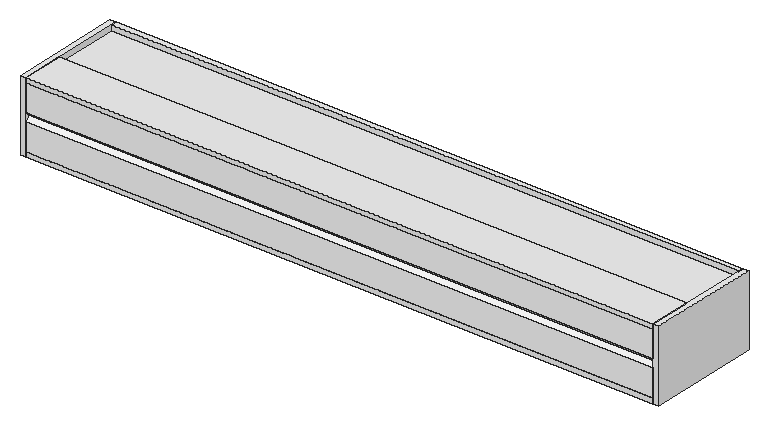
Revit family "4070743+4070747 Feilo Sylvania Lighting Fixture CURSUS 306MM 183LM WIDE LED 3K with SINGLE WALL HOUSING", category Lighting Fixtures, host Face, Revit 2017
Family settings
  Host = Face
  Round Connector Dimension = Use Diameter
  Part Type = Normal
  OmniClass Number = 23.80.70.14
  OmniClass Title = Luminaries for External Lighting
  Cut with Voids When Loaded = Yes
  Light Source = Yes
  Shared = Yes
  Room Calculation Point = No
Parameters (values of type "4070743 CURSUS 306MM 183LM WIDE LED 3K")
  Width_FEILO = 35 mm
  Weight = "0.6 kg"
  Wattage Comments = "n/a"
  Wattage = 4.5 W
  WarrantyStartDate [instance] = "n/a"
  WarrantyGuarantorParts = "n/a"
  WarrantyDurationUnit = "n/a"
  WarrantyDurationParts = "n/a"
  WarrantyDescription = "n/a"
  WallThickness_FEILO = 2.5 mm
  built-in parameter 1150110 = 1 (stored number, unit not read)
  Voltage = 24 V
  URL = "http://www.sylvania-lighting.com"
  TypeName = "CURSUS 306MM 183LM WIDE LED 3K"
  Type Image = <None>
  Type Comments = "n/a"
  built-in parameter 1114217 = 1 (stored number, unit not read)
  Tilt Angle = -90.00°
  built-in parameter 1150109 = 1 (stored number, unit not read)
  built-in parameter 1150134 = (empty or 0)
  built-in parameter 1150113 = 1 (stored number, unit not read)
  SerialNumber [instance] = "n/a"
  ReflectorMaterial = none
  PowerFactor = 0
  PowerConsumption = "4.5 W"
  Photometric Web File = "4070743.ies"
  NominalLength = 306 mm
  NominalHeight = 50 mm
  NominalDepth = 30 mm
  Name = "CURSUS 306MM 183LM WIDE LED 3K"
  ModelReference = Name  # "CURSUS 306MM 183LM WIDE LED 3K"
  ModelNumber = "4070743"
  Model = Name  # "CURSUS 306MM 183LM WIDE LED 3K"
  Material = "natural anodised extruded aluminium structure housing"
  ManufacturerName = "Feilo Sylvania"
  Manufacturer = "Feilo Sylvania"
  LuminousEfficacy = "40.66 lm/W"
  built-in parameter 1150105 = 101.01 (stored number, unit not read)
  Lumens = 183 lm
  LuminaireType = ""
  built-in parameter 1150115 = 1 (stored number, unit not read)
  LightOutputRatio = "100"
  built-in parameter 1150137 = (empty or 0)
  built-in parameter 1150139 = (empty or 0)
  Length_FEILO = 312 mm
  LampsType = Lamp  # "LED"
  LampNominalLuminous = "183 lm"
  LampMacAdamStep = "n/a"
  LampColourTemperature = "3000 K"
  LampColourRenderingIndex = "80"
  built-in parameter 1150112 = 1 (stored number, unit not read)
  built-in parameter 1150114 = 1 (stored number, unit not read)
  Lamp = "LED"
  Keynote = "16500"
  InstallationDate [instance] = "n/a"
  InputVoltage = "24V DC"
  InputNominalFrequency = "n/a"
  built-in parameter 1150132 = (empty or 0)
  built-in parameter 1150102 = (empty or 0)
  built-in parameter 1150107 = 3000 (stored number, unit not read)
  built-in parameter 1150138 = (empty or 0)
  IngressProtection = "IP67"
  ImpactProtectionIndex = "IK07"
  built-in parameter 1150106 = 1.0101 (stored number, unit not read)
  IfcExportType = "IfcLightFixtureType"
  IfcExportAs = "IfcLightFixtureType"
  ExpectedLife = 50000
  EndCapRight [instance] = yes
  EndCapLeft [instance] = yes
  Emit from Rectangle Width = Width_FEILO - WallThickness_FEILO * 2  # 30 mm
  Emit from Rectangle Length = Length_FEILO - WallThickness_FEILO * 2  # 307 mm
  Emit Shape Visible in Rendering = no
  ElectricShockClassification = "Class III"
  built-in parameter 1150104 = 3.7781 (stored number, unit not read)
  DurationUnit = "hours"
  DocumentationLiterature = "http://www.sylvania-lighting.com/product/en-int/products/4070743"
  DimmingControlOptions = "n/a"
  Dimming Lamp Color Temperature Shift = <None>
  DiffuserMaterial = Diffuser-Sylvania-Glow
  Description = "LED Exterior Lighting Recessed Surface Mounted Linear Fixture, Natural anodised extruded aluminium structure. Die-cast aluminium end caps. Installation kit with harmonic steel springs., 183 lm, 4,5W, 40lm/W, 3000K, CRI80+,non dimmable,IP67, IK07, (HxWxD) 306x50x30mm, 3 step Mac Adam Ellipse, 0.6kg,, Classe III, 21-25V-DC, energy class : A++, A+, A"
  Default Elevation = 1219.2 mm
  CreatedOn = "1/8/2018"
  CreatedBy = ""
  Cost = 0
  Color Filter = 16777215
  built-in parameter 1114216 [instance] = (empty or 0)
  ClassificationValue = "EF_70_80"
  ClassificationName = "Uniclass2015"
  BodyMaterial = Body-Sylvania-Gray
  BarCode [instance] = "n/a"
  built-in parameter 1114218 = 1 (stored number, unit not read)
  built-in parameter 1150133 = 10 (stored number, unit not read)
  AssetType = "Fixed"
  AssetIdentifier [instance] = "n/a"
  Assembly Code = "D5020200"
  Apparent Load = 4.5 VA
  AccessoryMaterial = Diffuser-Sylvania-Glow
Reference planes
  plane 1 "Center (Front/Back)": y = 0
  plane 2: z = 0
  plane 3 "Center (Left/Right)": x = 0
  plane 4: x = 156
  plane 5: x = -156
  plane 6: x = -153.5
  plane 7: x = 153.5
  plane 8: z = 35
  plane 9: z = 17.5
  plane 10: z = 32.5
  plane 11: z = 2.5
  plane 12: z = 30
  plane 13: z = 5
  plane 14: y = -55
  plane 15: y = -53
  plane 16: y = -2.5
  plane 17: y = -37
  plane 18: y = -34.5
Forms (mm)
  Extrusion 1, solid, material "Body-Sylvania-Gray" <- "BodyMaterial"
    sketch origin (0, 0, 0) x (0, 1, 0) y (0, 0, 1)
      loop
        line (0, 35) -> (-2.5, 35) -> (-2.5, 32.5) -> (-34.5, 32.5) -> (-34.5, 35) -> (-55, 35) -> (-55, 32.5) -> (-37, 32.5) -> (-37, 30) -> (-2.5, 30) -> (-2.5, 5) -> (-37, 5) -> (-37, 2.5) -> (-55, 2.5) -> (-55, 0) -> (-34.5, 0) -> (-34.5, 2.5) -> (-2.5, 2.5) -> (-2.5, 0) -> (0, 0) -> (0, 35)
    from -153.5 to 153.5
  Extrusion 2, solid, material "Diffuser-Sylvania-Glow" <- "DiffuserMaterial"
    sketch origin (0, 0, 0) x (0, 1, 0) y (0, 0, 1)
      loop
        line (-37, 32.5) -> (-55, 32.5) -> (-55, 19.5) -> (-53, 17.5) -> (-55, 15.5) -> (-55, 2.5) -> (-37, 2.5) -> (-37, 32.5)
    from -153.5 to 153.5
  Extrusion 3, solid, material "Body-Sylvania-Gray" <- "BodyMaterial", visible <- "EndCapRight"
    sketch origin (153.5, 1524, 1219.2) x (0, 1, 0) y (0, 0, 1)
      loop
        line (-1579, -1184.2) -> (-1579, -1219.2) -> (-1524, -1219.2) -> (-1524, -1184.2) -> (-1579, -1184.2)
    from 0 to 2.5
  Extrusion 4, solid, material "Body-Sylvania-Gray" <- "BodyMaterial", visible <- "EndCapLeft"
    sketch origin (-153.5, 1524, 1219.2) x (0, 1, 0) y (0, 0, 1)
      loop
        line (-1579, -1184.2) -> (-1579, -1219.2) -> (-1524, -1219.2) -> (-1524, -1184.2) -> (-1579, -1184.2)
    from -2.5 to 0
Dimensions and locks
  equal spacing: plane 5, plane 3 "Center (Left/Right)", plane 4
  "Length_FEILO": plane 5 to plane 4
  equal spacing: plane 6, plane 3 "Center (Left/Right)", plane 7
  "WallThickness_FEILO": plane 5 to plane 6
  locked: plane 9 to plane 2 at 17.5
  locked: plane 8 to plane 2 at 35
  equal spacing: plane 11, plane 9, plane 10
  equal spacing: plane 13, plane 9, plane 12
  "WallThickness_FEILO": plane 12 to plane 10
  locked: plane 14 to plane 15 at 2
  locked: plane 14 to plane 17 at 18
  "WallThickness_FEILO": plane 17 to plane 18
  "WallThickness_FEILO": plane 16 to plane 1 "Center (Front/Back)"
  locked: plane 15 to Extrusion 2 sketch curve (angle 45.00°)
  locked: Extrusion 2 sketch curve to plane 15 (angle 45.00°)
  aligned and locked: plane 2 to host face
  aligned and locked: level to host face
  aligned and locked: plane 1 "Center (Front/Back)" to Extrusion 1 sketch curve
  aligned and locked: Extrusion 1 sketch curve to plane 8  (x2)
  aligned and locked: plane 16 to Extrusion 1 sketch curve
  aligned and locked: host face to Extrusion 1 sketch curve
  aligned and locked: Extrusion 1 sketch curve to plane 16  (x2)
  aligned and locked: Extrusion 1 sketch curve to plane 11
  aligned and locked: plane 18 to Extrusion 1 sketch curve
  aligned and locked: level to Extrusion 1 sketch curve
  aligned and locked: plane 11 to Extrusion 1 sketch curve
  aligned and locked: Extrusion 1 sketch curve to plane 17
  aligned and locked: plane 13 to Extrusion 1 sketch curve
  aligned and locked: Extrusion 1 sketch curve to plane 12
  aligned and locked: plane 10 to Extrusion 1 sketch curve  (x2)
  aligned and locked: plane 17 to Extrusion 1 sketch curve  (x2)
  aligned and locked: plane 12 to Extrusion 1 sketch curve
  aligned and locked: Extrusion 1 sketch curve to plane 10
  aligned and locked: Extrusion 1 sketch curve to plane 18
  aligned and locked: plane 7 to Extrusion 1
  aligned and locked: Extrusion 1 to plane 6
  aligned and locked: Extrusion 2 sketch curve to Extrusion 1  (x4)
  aligned and locked: Extrusion 1 to Extrusion 2 sketch curve
  aligned and locked: plane 9 to Extrusion 2 sketch curve
  aligned and locked: plane 7 to Extrusion 2
  aligned and locked: Extrusion 2 to plane 6
  aligned and locked: Extrusion 3 sketch curve to Extrusion 1  (x4)
  aligned and locked: plane 4 to Extrusion 3
  aligned and locked: Extrusion 3 to plane 7
  aligned and locked: Extrusion 4 sketch curve to Extrusion 3  (x3)
  aligned and locked: Extrusion 4 sketch curve to Extrusion 1
  aligned and locked: Extrusion 4 to plane 5
  aligned and locked: plane 6 to Extrusion 4
  aligned and locked: plane 14 to imposter light
  aligned and locked: imposter light to plane 9
  aligned and locked: plane 3 "Center (Left/Right)" to imposter light
Automatic sketch dimensions
  host sketch curve to host sketch curve = 2438.4 mm  (x2)
  Extrusion 1 sketch curve to plane 14 = 0 mm  (x2)
  Extrusion 2 sketch curve to plane 15 = 0 mm
Connectors
  electrical at (0, 0, 0), driven by "Apparent Load", driven by "PowerFactor", driven by "Voltage"
    settings: index 1, voltage 24 V, apparent load 4.5 VA, apparent load phase1 0 VA, apparent load phase2 0 VA, apparent load phase3 0 VA, power factor 0, load classification "Lighting", number of poles 1, system type 30, power factor state 1, is connector primary yes, connector utility no, sub classification motor no, connector description ""
